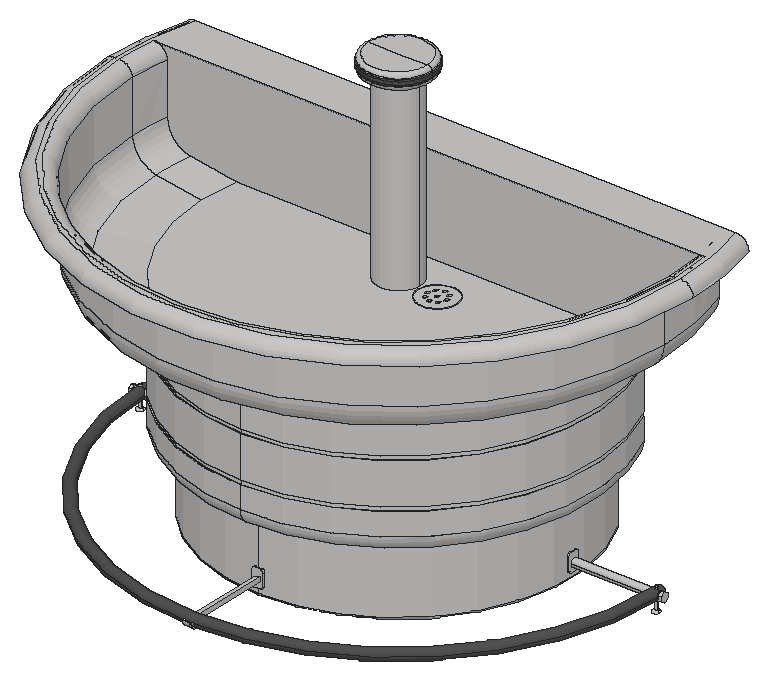
Revit family "Washfountain_Lavatory-Bradley_Corp-WF2704-Type_H_Drain", category Plumbing Fixtures, Revit 2012
Parameters
  Width = 54.000"
  Warranty Information = ""
  WFU = 0
  Voltage = 110 V
  Version = "2.0"
  Vent Radius = Vent / 2  # 3/4"
  Vent = 1 1/2"
  URL = "http://www.bradleycorp.com/"
  Towel Dispenser Holder [instance] = if((Soap Dispenser), 4.875", 13.375")  # 13.375"
  Towel Dispenser Height [instance] = if((Sensor Module), 54.250", 50.750")  # 50.750"
  TouchTime® Control [instance] = no
  Technical Data = "n/a"
  Vent Height [instance] = if(and(Sensor Module, Soap Dispenser, Towel Dispenser), 70.563", if(and(Sensor Module, Soap Dispenser, No Towel Dispenser), 49.375", if(and(Sensor Module, No Soap Dispenser, No Towel Dispenser), 40.875", if(and(Sensor Module, No Soap Dispenser, Towel Dispenser), 70.563", if(and(No Sensor Module, No Soap Dispenser, No Towel Dispenser), 37.375", if(and(No Sensor Module, No Soap Dispenser, Towel Dispenser), 67.063", if(and(No Sensor Module, Soap Dispenser, No Towel Dispenser), 45.875", 67.063")))))))  # 37.375"
  Spray Head Height = 37.375"
  Specifications URL = "http://www.bradleycorp.com/3partspec"
  Soap Dispenser Holder [instance] = 2.500"  # constant formula
  Soap Dispenser Height [instance] = if((Sensor Module), 49.375", 45.875")  # 45.875"
  Sensor Module Height = 40.875"
  Sensor Module [instance] = not(Foot Control Valve)  # no
  Rim Height = 28.000"
  Product Tech Data URL - Spanish = ""
  Product Tech Data URL - French = ""
  Product Tech Data URL - English = "http://bradleycorp.com/download/2241/2017.pdf"
  Pedestal Material = Metal - Bradley Corp - Stainless Steel - Satin
  Pedestal Height = 19.000"
  Operating Water Pressure Range = "20 - 80 PSI"
  OmniClass Table 23 Title = "Sinks/Lavatories"
  OmniClass Table 23 Number = "23-31 13 00"
  OmniClass Table 21 Title = "Plumbing Fixtures"
  OmniClass Table 21 Number = "21-04 20 10 60"
  No Towel Dispenser [instance] = not(Towel Dispenser)  # yes
  No Soap Dispenser [instance] = not(Soap Dispenser)  # yes
  No Sensor Module [instance] = not(Sensor Module)  # yes
  Modeling Code = ""
  Model = "WF2704"
  Material Note = ""
  MasterFormat Title = "Commercial Lavatories and Sinks"
  MasterFormat Number = "22 42 16"
  Manufacturer = "Bradley Corp"
  Industry Standards = "n/a"
  Hot Lavatory Inlet Secondary Radius = Hot Lavatory Inlet Secondary / 2  # 1/2"
  Hot Lavatory Inlet Secondary = 1"
  Hot Lavatory Inlet Primary Radius = Hot Lavatory Inlet Primary / 2  # 1/2"
  Hot Lavatory Inlet Primary = 1"
  HWFU = 0
  Frequency = 50 Hz
  Foot Control Valve [instance] = not(or(TouchTime® Control, Air Valve Hand Control, Adaptive Infrared Activation Control))  # yes
  Flow Rate = 3.0 GPM
  Fire Rating = "n/a"
  Drain Radius = Drain / 2  # 1"
  Drain = 2"
  Description = "Washfountain, 54\" Semi Circular with 9\" Deep Bowl"
  Copyright = "This Model Data is Property of Bradley Corporation"
  Cold Lavatory Inlet Secondary Radius = Cold Lavatory Inlet Secondary / 2  # 1/2"
  Cold Lavatory Inlet Secondary = 1"
  Cold Lavatory Inlet Primary Radius = Cold Lavatory Inlet Primary / 2  # 1/2"
  Cold Lavatory Inlet Primary = 1"
  CWFU = 0
  Buy American Act = "No"
  Button Visibility [instance] = or(TouchTime® Control, Air Valve Hand Control)  # no
  Bowl Material [instance] = Metal - Bradley Corp - Stainless Steel - Polished
  Assembly Code = "D2010300"
  Air Valve Hand Control [instance] = no
  Adaptive Infrared Activation Control [instance] = no
  ADA Compliant = "Yes"
  Soap Dispenser [instance] = no
  Towel Dispenser [instance] = no
Reference planes (in)
  plane 1 "Center (Front/Back)": y = 0
  plane 2: z = 0
  plane 3 "Center (Left/Right)": x = 0
  plane 4 "Left": x = -27
  plane 5 "Right": x = 27
  plane 6 "Towel Dispenser": z = 50.75
  plane 7 "Soap Dispenser": z = 45.875
  plane 8 "Sensor Module": z = 40.875
  plane 9 "Spray Head": z = 37.375
  plane 10 "Rim Height": z = 28
  plane 11 "Pedestal Height": z = 19
  plane 12: y = -7.6967
  plane 13: z = 39.875
  plane 14 "Front": y = -34.71749
Forms (in)
  Sweep 1, solid, material "Metal - Bradley Corp - Stainless Steel - Polished" <- "Bowl Material", detail levels medium+fine
    path in 3D
      loop
        arc (27, -7.75, 28) -> (0, 19.25, 28) -> (-27, -7.75, 28) r 27
        arc (-27, -7.75, 28) -> (0, -34.75, 28) -> (27, -7.75, 28) r 27
    profile origin (0, -34.75, 28) x (0, 1, 0) y (0, 0, 1)
      loop
        line (25.0533, -8.88) -> (9.04121, -8.88) -> (4.87331, -8.2735)
        arc (4.87331, -8.2735) -> (3.35689, -7.45153) -> (2.7337, -5.84318) r 2.5
        line (2.7337, -5.84318) -> (2.69252, -1.125)
        arc (2.69252, -1.125) -> (2.36302, -0.3295) -> (1.56752, 0.00011) r 1.125
        line (1.56752, 0.00011) -> (1.15752, 0)
        arc (1.15752, 0) -> (0.36203, -0.3295) -> (0.03252, -1.125) r 1.125
        line (0.03252, -1.125) -> (0.15252, -1.125)
        arc (0.15252, -1.125) -> (0.44688, -0.41436) -> (1.15752, -0.11989) r 1.005
        line (1.15752, -0.11989) -> (1.56752, -0.12025)
        arc (1.56752, -0.12025) -> (2.27817, -0.41461) -> (2.57252, -1.12525) r 1.005
        line (2.57252, -1.12525) -> (2.61371, -5.84475)
        arc (2.61371, -5.84475) -> (3.26665, -7.53063) -> (4.85603, -8.39225) r 2.62
        line (4.85603, -8.39225) -> (9.03252, -9) -> (25.0533, -9) -> (25.0533, -8.88)
  Extrusion 2, void
    sketch origin (0, 0, 28) x (-1, 0, 0) y (0, -1, 0)
      loop
        line (27, -20) -> (27, 0) -> (-27, 0) -> (-27, -20) -> (27, -20)
    from -28 to 9.375
  Sweep 3, solid, material "Metal - Bradley Corp - Stainless Steel - Polished" <- "Bowl Material", detail levels coarse
    path in 3D
      loop
        arc (27, -7.75, 28) -> (0, 19.25, 28) -> (-27, -7.75, 28) r 27
        arc (-27, -7.75, 28) -> (0, -34.75, 28) -> (27, -7.75, 28) r 27
    profile origin (0, -34.75, 28) x (0, 1, 0) y (0, 0, 1)
      loop
        line (0.03243, 0) -> (0.03243, -1.12495) -> (0.15256, -1.12495) -> (0.15256, -0.12) -> (2.57762, -0.12) -> (2.57762, -9) -> (25.0533, -9) -> (25.0533, -8.88) -> (2.69762, -8.88) -> (2.69762, 0) -> (0.03243, 0)
  Revolve 4, solid, material "Metal - Bradley Corp - Stainless Steel - Satin" <- "Pedestal Material", detail levels medium+fine
    sketch origin (0, 0, 0) x (0, 1, 0) y (0, 0, 1)
      loop
        line (-25.69045, 10.34788) -> (-25.61122, 10.34788) -> (-25.61122, 9.97288) -> (-25.69045, 9.97288) -> (-25.69045, 7.88979)
        arc (-25.69045, 7.88979) -> (-25.24205, 6.80727) -> (-24.15954, 6.35887) r 1.53091
        line (-24.15954, 6.35887) -> (-7.6967, 6.35887) -> (-7.6967, 19) -> (-25.69045, 19) -> (-25.69045, 14.53538) -> (-25.60652, 14.53538) -> (-25.60652, 14.16038) -> (-25.69045, 14.16038) -> (-25.69045, 10.34788)
      axis (-7.6967, 19) -> (-7.6967, 6.35887)
    angle from 0 to 360
  Revolve 5, solid, material "Metal - Bradley Corp - Stainless Steel - Satin" <- "Pedestal Material", detail levels coarse
    sketch origin (0, 0, 0) x (0, 1, 0) y (0, 0, 1)
      loop
        line (-25.69045, 19) -> (-25.69045, 6.35887) -> (-7.6967, 6.35887) -> (-7.6967, 19) -> (-25.69045, 19)
      axis (-7.6967, 19) -> (-7.6967, 6.35887)
    angle from 0 to 360
  Revolve 6, solid, material "Metal - Bradley Corp - Stainless Steel - Satin"
    sketch origin (0, 0, 0) x (0, 1, 0) y (0, 0, 1)
      loop
        arc (-23.6285, 0.1416) -> (-23.58703, 0.04147) -> (-23.4869, 0) r 0.1416
        line (-23.4869, 0) -> (-7.6967, 0) -> (-7.6967, 6.35887) -> (-23.41449, 6.35887) -> (-23.41449, 6.04595) -> (-23.6285, 6.04595) -> (-23.6285, 0.1416)
      axis (-7.6967, 6.35887) -> (-7.6967, 0)
    angle from 0 to 360
  Revolve 7, solid, material "Metal - Bradley Corp - Stainless Steel - Satin", detail levels medium+fine
    sketch origin (-3, -7.6967, 37.375) x (1, 0, 0) y (0, 0, 1)
      loop
        arc (0.31013, 0) -> (0.06618, -0.10105) -> (-0.03487, -0.345) r 0.345
        line (-0.03487, -0.345) -> (-0.03487, -0.44471)
        arc (-0.03487, -0.44471) -> (-0.09873, -0.47343) -> (-0.12487, -0.53838) r 0.09375
        line (-0.12487, -0.53838) -> (-0.12487, -0.85088)
        arc (-0.12487, -0.85088) -> (-0.09873, -0.91583) -> (-0.03487, -0.94456) r 0.09375
        line (-0.03487, -0.94456) -> (-0.03487, -1.04463)
        arc (-0.03487, -1.04463) -> (0.06618, -1.28859) -> (0.31013, -1.38963) r 0.345
        line (0.31013, -1.38963) -> (1.00013, -1.38963) -> (1.00013, -18.375) -> (3, -18.375) -> (3, 0) -> (0.31013, 0)
      axis (3, 0) -> (3, -18.375)
    angle from 0 to 360
  Revolve 8, solid, material "Metal - Bradley Corp - Stainless Steel - Satin", detail levels coarse
    sketch origin (-3, -7.6967, 37.375) x (1, 0, 0) y (0, 0, 1)
      loop
        line (-0.12487, -0.44471) -> (-0.12487, -0.94456) -> (0.31085, -1.38963) -> (1.00013, -1.38963) -> (1.00013, -18.375) -> (3, -18.375) -> (3, 0.00012) -> (0.31013, 0.00012) -> (-0.12487, -0.44471)
      axis (3, 0.00012) -> (3, -18.375)
    angle from 0 to 360
  Revolve 9, solid, material "Metal - Bradley Corp - Stainless Steel - Satin", visible <- "Sensor Module", detail levels fine
    sketch origin (-3, -7.6967, 40.875) x (1, 0, 0) y (0, 0, 1)
      loop
        arc (-1.45317, -0.20636) -> (-1.54025, -0.24993) -> (-1.57537, -0.34075) r 0.135
        line (-1.57537, -0.34075) -> (-1.57537, -0.56538) -> (-1.49987, -0.56538) -> (-1.49987, -1.98683)
        arc (-1.49987, -1.98683) -> (-1.48077, -2.08267) -> (-1.42639, -2.16387) r 0.25
        line (-1.42639, -2.16387) -> (-0.82283, -2.76742)
        arc (-0.82283, -2.76742) -> (-0.74182, -2.82142) -> (-0.64632, -2.84038) r 0.25
        line (-0.64632, -2.84038) -> (1.00013, -2.84038) -> (1.00013, -3.5) -> (3, -3.5) -> (3, 0) -> (0.90513, 0) -> (-1.45612, -0.2063)
      axis (3, 0) -> (3, -3.5)
    angle from 0 to 360
  Revolve 10, solid, material "Metal - Bradley Corp - Stainless Steel - Satin", visible <- "Sensor Module", detail levels coarse+medium
    sketch origin (-3, -7.6967, 40.875) x (1, 0, 0) y (0, 0, 1)
      loop
        line (-1.57537, -2.01488) -> (-0.74987, -2.84038) -> (1.00013, -2.84038) -> (1.00013, -3.5) -> (3, -3.5) -> (3, 0) -> (-1.57537, 0) -> (-1.57537, -2.01488)
      axis (3, 0) -> (3, -3.5)
    angle from 0 to 360
  Revolve 11, solid, material "Metal - Bradley Corp - Stainless Steel - Satin", visible <- "Soap Dispenser", detail levels fine
    sketch origin (-3, -7.6967, 45.875) x (1, 0, 0) y (0, 0, 1)
      loop
        line (-3.01408, -1.64235) -> (-2.98301, -1.64235) -> (-2.98301, -2.89235) -> (-2.93039, -2.89235) -> (-2.93039, -4.14235) -> (-2.87777, -4.14235) -> (-2.87777, -5.39235) -> (-2.81, -5.39235) -> (-2.81, -6) -> (3, -6) -> (3, 0) -> (-1.15684, 0)
        arc (-1.15684, 0) -> (-2.16098, -0.12055) -> (-3.13971, -0.37529) r 7.48917
        line (-3.13971, -0.37529) -> (-3.13971, -1.00047) -> (-3.01408, -1.00047) -> (-3.01408, -1.64235)
      axis (3, 0) -> (3, -6)
    angle from 360 to 180
  Revolve 12, solid, material "Metal - Bradley Corp - Stainless Steel - Satin", visible <- "Soap Dispenser", detail levels coarse+medium
    sketch origin (-3, -7.6967, 45.875) x (1, 0, 0) y (0, 0, 1)
      loop
        line (-3.13971, -1.00047) -> (-2.81, -6) -> (3, -6) -> (3, -1.00047) -> (-3.13971, -1.00047)
      axis (3, -1.00047) -> (3, -6)
    angle from 360 to 180
  Extrusion 13, solid, material "Metal - Bradley Corp - Stainless Steel - Satin", visible <- "Soap Dispenser", detail levels fine
    sketch origin (-3, -7.6967, 45.875) x (1, 0, 0) y (0, 0, 1)
      loop
        line (-3.01408, -1.64235) -> (-2.98301, -1.64235) -> (-2.98301, -2.89235) -> (-2.93039, -2.89235) -> (-2.93039, -4.14235) -> (-2.87777, -4.14235) -> (-2.87777, -5.39235) -> (-2.81, -5.39235) -> (-2.81, -6) -> (8.81, -6) -> (8.81, -5.39235) -> (8.87777, -5.39235) -> (8.87777, -4.14235) -> (8.93039, -4.14235) -> (8.93039, -2.89235) -> (8.98301, -2.89235) -> (8.98301, -1.64235) -> (9.01408, -1.64235) -> (9.01408, -1.00047) -> (9.13971, -1.00047) -> (9.13971, -0.37529)
        arc (9.13971, -0.37529) -> (8.16098, -0.12055) -> (7.15684, 0) r 7.48917
        line (7.15684, 0) -> (-1.15684, 0)
        arc (-1.15684, 0) -> (-2.16098, -0.12055) -> (-3.13971, -0.37529) r 7.48917
        line (-3.13971, -0.37529) -> (-3.13971, -1.00047) -> (-3.01408, -1.00047) -> (-3.01408, -1.64235)
    from 0 to -2.25
  Extrusion 14, solid, material "Metal - Bradley Corp - Stainless Steel - Satin", visible <- "Soap Dispenser", detail levels coarse+medium
    sketch origin (-3, -7.6967, 45.875) x (1, 0, 0) y (0, 0, 1)
      loop
        line (-3.13971, -1.00047) -> (-2.81, -6) -> (8.81, -6) -> (9.13971, -1.00047) -> (-3.13971, -1.00047)
    from 0 to -2.25
  Extrusion 15, solid, material "Metal - Bradley Corp - Stainless Steel - Satin", visible <- "Towel Dispenser"
    sketch origin (0, 0, 50.75) x (-1, 0, 0) y (0, -1, 0)
      loop
        line (0.06458, 14.08484) -> (-0.06458, 14.08484) -> (-5.56458, 4.55856) -> (-5.5, 4.4467) -> (5.5, 4.4467) -> (5.56458, 4.55856) -> (0.06458, 14.08484)
      loop
        circle (0, 7.6967) r 2
    from 14.62567 to 14.12567
  Extrusion 16, solid, material "Metal - Bradley Corp - Stainless Steel - Satin", visible <- "Towel Dispenser"
    sketch origin (-0.06458, -14.08484, 50.75) x (0, 0, 1) y (-0.866025, -0.5, 0)
      loop
        line (0, 0) -> (15.313, 0) -> (14.62567, 4) -> (1.37502, 4) -> (0, 1.75) -> (0, 0)
    from 0 to -11
  Extrusion 17, solid, material "Metal - Bradley Corp - Stainless Steel - Satin", visible <- "Towel Dispenser"
    sketch origin (5.56458, -4.55856, 50.75) x (0, 0, 1) y (0.866025, -0.5, 0)
      loop
        line (0, 0) -> (15.313, 0) -> (14.62567, 4) -> (1.37502, 4) -> (0, 1.75) -> (0, 0)
    from 0 to -11
  Extrusion 18, solid, material "Metal - Bradley Corp - Stainless Steel - Satin", visible <- "Towel Dispenser"
    sketch origin (0, 0, 50.75) x (-1, 0, 0) y (0, -1, 0)
      loop
        line (0.06458, 14.08484) -> (-0.06458, 14.08484) -> (-5.56458, 4.55856) -> (-5.5, 4.4467) -> (5.5, 4.4467) -> (5.56458, 4.55856) -> (0.06458, 14.08484)
      loop
        circle (0, 7.6967) r 2
    from 1.0786 to 1.5786
  Extrusion 19, solid, material "Metal - Bradley Corp - Stainless Steel - Satin", visible <- "Towel Dispenser"
    sketch origin (0, 0, 50.75) x (-1, 0, 0) y (0, -1, 0)
      loop
        circle (0, 7.6967) r 2
    from -13.375 to 16.313
  Extrusion 20, solid, material "Metal - Bradley Corp - Stainless Steel - Satin", visible <- "Soap Dispenser"
    sketch origin (0, 0, 45.875) x (-1, 0, 0) y (0, -1, 0)
      loop
        circle (0, 7.6967) r 2
    from -6 to -8.5
  Extrusion 21, solid, material "Metal - Bradley Corp - Stainless Steel - Polished", detail levels medium+fine
    sketch origin (0, -0.5533, 28) x (-1, 0, 0) y (0, -1, 0)
      loop
        circle (-4, 7.6967) r 1.75
      loop
        circle (-4, 7.6967) r 0.1842
      loop
        circle (-4, 6.81899) r 0.1842
      loop
        circle (-3.12229, 7.6967) r 0.1842
      loop
        circle (-4, 8.57441) r 0.1842
      loop
        circle (-4.87771, 7.6967) r 0.1842
      loop
        circle (-4.62063, 7.07606) r 0.1842
      loop
        circle (-3.37937, 7.07606) r 0.1842
      loop
        circle (-3.37937, 8.31733) r 0.1842
      loop
        circle (-4.62063, 8.31733) r 0.1842
    from -8.94796 to -8.88
  Extrusion 22, void
    sketch origin (0, -0.5533, 28) x (-1, 0, 0) y (0, -1, 0)
      loop
        circle (-4, 7.6967) r 1.75
    from -9 to -5.94946
  Sweep 23, solid, material "Plastic - Bradley Corp - Black", visible <- "Foot Control Valve"
    path in 3D
      loop
        line (24.00846, -7.1967, 0) -> (24.00846, -7.6967, 0)
        arc (24.00846, -7.6967, 0) -> (0, -31.70516, 0) -> (-24.00846, -7.6967, 0) r 24.00846
        line (-24.00846, -7.6967, 0) -> (-24.00846, -7.1967, 0)
    profile origin (-24.00846, -7.4467, 0) x (-1, 0, 0) y (0, 0, 1)
      loop
        circle (-0.5, 1.42499) r 0.49941
  Extrusion 24, solid, material "Metal - Bradley Corp - Stainless Steel - Satin", visible <- "Foot Control Valve", detail levels medium+fine
    sketch origin (0, 0, 0) x (0, 1, 0) y (0, 0, 1)
      loop
        line (-7.37851, 1.63949) -> (-7.75001, 1.85397) -> (-8.12151, 1.63949) -> (-8.12151, 1.21051) -> (-7.75001, 0.99603) -> (-7.37851, 1.21051) -> (-7.37851, 1.63949)
    from -24.32813 to -24.01563
  Extrusion 25, solid, material "Metal - Bradley Corp - Stainless Steel - Satin", visible <- "Foot Control Valve", detail levels medium+fine
    sketch origin (0, 0, 0) x (0, 1, 0) y (0, 0, 1)
      loop
        line (-7.75001, 1.85397) -> (-8.12151, 1.63948) -> (-8.12151, 1.21051) -> (-7.75001, 0.99603) -> (-7.37851, 1.21051) -> (-7.37851, 1.63949) -> (-7.75001, 1.85397)
    from 24.37923 to 24.04349
  Extrusion 26, solid, material "Metal - Bradley Corp - Stainless Steel - Satin", visible <- "Foot Control Valve", detail levels fine
    sketch origin (0, 0, 0) x (1, 0, 0) y (0, 1, 0)
      loop
        circle (-23.57813, -7.6967) r 0.12
      loop
        circle (23.57813, -7.6967) r 0.12
    from 0.1445 to 1.99999
  Blend 27, solid, material "Metal - Bradley Corp - Stainless Steel - Satin", visible <- "Foot Control Valve", detail levels fine
    base sketch origin (0, 0, 0) x (1, 0, 0) y (0, 1, 0)
      loop
        circle (-23.57813, -7.6967) r 0.12
    top sketch origin (0, 0, 0) x (1, 0, 0) y (0, 1, 0)
      loop
        circle (-23.57813, -7.6967) r 0.327
    from 0.1445 to 0
  Blend 28, solid, material "Metal - Bradley Corp - Stainless Steel - Satin", visible <- "Foot Control Valve", detail levels fine
    base sketch origin (0, 0, 0) x (1, 0, 0) y (0, 1, 0)
      loop
        circle (23.57813, -7.6967) r 0.12
    top sketch origin (0, 0, 0) x (1, 0, 0) y (0, 1, 0)
      loop
        circle (23.57813, -7.6967) r 0.327
    from 0.1445 to 0
  Extrusion 29, solid, material "Metal - Bradley Corp - Stainless Steel - Satin", visible <- "Foot Control Valve"
    sketch origin (0, 0, 0) x (0, 1, 0) y (0, 0, 1)
      loop
        line (-7.25001, 0.921) -> (-7.25001, 2.046)
        arc (-7.25001, 2.046) -> (-7.32323, 2.22278) -> (-7.50001, 2.296) r 0.25
        line (-7.50001, 2.296) -> (-8.00001, 2.296)
        arc (-8.00001, 2.296) -> (-8.17679, 2.22278) -> (-8.25001, 2.046) r 0.25
        line (-8.25001, 2.046) -> (-8.25001, 0.921)
        arc (-8.25001, 0.921) -> (-8.17679, 0.74422) -> (-8.00001, 0.671) r 0.25
        line (-8.00001, 0.671) -> (-7.50001, 0.671)
        arc (-7.50001, 0.671) -> (-7.32323, 0.74422) -> (-7.25001, 0.921) r 0.25
    from -16.06305 to -15.93805
  Extrusion 30, solid, material "Metal - Bradley Corp - Stainless Steel - Satin", visible <- "Foot Control Valve"
    sketch origin (0, 0, 0) x (0, 1, 0) y (0, 0, 1)
      loop
        line (-7.50001, 2.296) -> (-8.00001, 2.296)
        arc (-8.00001, 2.296) -> (-8.17679, 2.22278) -> (-8.25001, 2.046) r 0.25
        line (-8.25001, 2.046) -> (-8.25001, 0.921)
        arc (-8.25001, 0.921) -> (-8.17679, 0.74422) -> (-8.00001, 0.671) r 0.25
        line (-8.00001, 0.671) -> (-7.50001, 0.671)
        arc (-7.50001, 0.671) -> (-7.32323, 0.74422) -> (-7.25001, 0.921) r 0.25
        line (-7.25001, 0.921) -> (-7.25001, 2.046)
        arc (-7.25001, 2.046) -> (-7.32323, 2.22278) -> (-7.50001, 2.296) r 0.25
    from 15.93601 to 16.06263
  Extrusion 31, solid, material "Metal - Bradley Corp - Stainless Steel - Satin", visible <- "Foot Control Valve", detail levels fine
    sketch origin (0, 0, 0) x (0, 1, 0) y (0, 0, 1)
      loop
        arc (-31.70479, 1.42499) -> (-31.75479, 1.47499) -> (-31.80479, 1.42499) r 0.05
        arc (-31.80479, 1.42499) -> (-31.10392, 0.83423) -> (-30.64032, 1.62499) r 0.59941
        line (-30.64032, 1.62499) -> (-30.74777, 1.62499)
        arc (-30.74777, 1.62499) -> (-31.10322, 0.93614) -> (-31.70479, 1.42499) r 0.49941
    from -0.40046 to 0.4
  Extrusion 32, solid, material "Metal - Bradley Corp - Stainless Steel - Satin", visible <- "Foot Control Valve", detail levels fine
    sketch origin (0, 0, 0) x (0, 1, 0) y (0, 0, 1)
      loop
        arc (-30.64032, 1.62499) -> (-30.60597, 1.42499) -> (-30.64032, 1.22499) r 0.59941
        line (-30.64032, 1.22499) -> (-23.7663, 1.22499) -> (-23.7663, 1.62499) -> (-30.64032, 1.62499)
    from -0.2 to 0.2
  Extrusion 33, solid, material "Default", not visible, detail levels fine
    sketch origin (0, 0, 0) x (1, 0, 0) y (0, 1, 0)
      loop
        circle (-4, -8.25) r 1
    from 0 to 3
  Extrusion 34, solid, material "Default", not visible, detail levels fine
    sketch origin (0, 0, 0) x (1, 0, 0) y (0, 1, 0)
      loop
        circle (0, -8.25) r 0.75
    from 0 to 37.375
  Extrusion 35, solid, material "Default", not visible, detail levels fine
    sketch origin (-3, -7.6967, 45.875) x (1, 0, 0) y (0, 0, 1)
      loop
        circle (-4.625, -33.875) r 0.5
      loop
        circle (10.625, -33.875) r 0.5
      loop
        line (-0.5, -35.232) -> (-1.5, -35.232) -> (-1.5, -37.232) -> (-0.5, -37.232) -> (-0.5, -35.232)
    from -7.6967 to -5.1967
  Extrusion 36, solid, material "Metal - Bradley Corp - Stainless Steel - Satin", visible <- "Foot Control Valve"
    sketch origin (0, 0, 0) x (0, 1, 0) y (0, 0, 1)
      loop
        circle (-7.75001, 1.425) r 0.36122
    from -24.01563 to -16.06305
  Extrusion 37, solid, material "Metal - Bradley Corp - Stainless Steel - Satin", visible <- "Foot Control Valve"
    sketch origin (0, 0, 0) x (0, 1, 0) y (0, 0, 1)
      loop
        circle (-7.75001, 1.42499) r 0.36122
    from 16.06263 to 24.04349
  Extrusion 38, solid, material "Metal - Bradley Corp - Stainless Steel - Satin", visible <- "Foot Control Valve", detail levels fine
    sketch origin (0, 0, 0) x (1, 0, 0) y (0, 0, 1)
      loop
        line (-0.25, 0.671) -> (0.25, 0.671)
        arc (0.25, 0.671) -> (0.42678, 0.74422) -> (0.5, 0.921) r 0.25
        line (0.5, 0.921) -> (0.5, 2.046)
        arc (0.5, 2.046) -> (0.42678, 2.22278) -> (0.25, 2.296) r 0.25
        line (0.25, 2.296) -> (-0.25, 2.296)
        arc (-0.25, 2.296) -> (-0.42678, 2.22278) -> (-0.5, 2.046) r 0.25
        line (-0.5, 2.046) -> (-0.5, 0.921)
        arc (-0.5, 0.921) -> (-0.42678, 0.74422) -> (-0.25, 0.671) r 0.25
    from 23.6285 to 23.7663
  Extrusion 39, solid, material "Default", not visible, detail levels fine
    sketch origin (0, 0, 0) x (1, 0, 0) y (0, 1, 0)
      loop
        circle (-7.625, -5) r 0.5
      loop
        circle (7.625, -5) r 0.5
    from 0 to 2.5
  Revolve 40, solid, material "Plastic - Bradley Corp - Black", visible <- "Soap Dispenser", detail levels coarse+medium
    sketch origin (-3, -7.6967, 45.875) x (1, 0, 0) y (0, 0, 1)
      loop
        line (-3.20569, 0) -> (-3.13971, -1.00047) -> (3, -1.00047) -> (3, 0) -> (-3.20569, 0)
      axis (3, 0) -> (3, -1.00047)
    angle from 180 to 360
  Extrusion 41, solid, material "Plastic - Bradley Corp - Black", visible <- "Soap Dispenser", detail levels coarse+medium
    sketch origin (-3, -7.6967, 45.875) x (1, 0, 0) y (0, 0, 1)
      loop
        line (-3.20569, 0) -> (-3.13971, -1.00047) -> (9.13971, -1.00047) -> (9.20569, 0) -> (-3.20569, 0)
    from 0 to -2.25
  Extrusion 42, solid, material "Metal - Bradley Corp - Stainless Steel - Polished", visible <- "Button Visibility"
    sketch origin (-3, -7.6967, 40.875) x (1, 0, 0) y (0, 0, 1)
      loop
        circle (3, -1.29013) r 0.5
    from 4.57537 to 4.9755
  Extrusion 43, solid, material "Metal - Bradley Corp - Stainless Steel - Polished", visible <- "Button Visibility", detail levels fine
    sketch origin (-3, -7.6967, 40.875) x (1, 0, 0) y (0, 0, 1)
      loop
        circle (3, -1.29013) r 0.25
    from 4.5 to 4.57537
  Extrusion 44, solid, material "Metal - Bradley Corp - Stainless Steel - Polished" <- "Bowl Material", detail levels coarse
    sketch origin (0, 0, 28) x (-1, 0, 0) y (0, -1, 0)
      loop
        line (24.02952, 4.1185) -> (-24.02952, 4.1185)
        arc (-24.02952, 4.1185) -> (-23.62146, 2.0375) -> (-23.03353, 0) r 24.30238
        line (-23.03353, 0) -> (23.03353, 0)
        arc (23.03353, 0) -> (23.62146, 2.0375) -> (24.02952, 4.1185) r 24.30238
    from -8.88 to 0
  Extrusion 45, solid, material "Metal - Bradley Corp - Stainless Steel - Polished" <- "Bowl Material", detail levels medium+fine
    sketch origin (0, 0, 28) x (-1, 0, 0) y (0, -1, 0)
      loop
        arc (24.41547, 0) -> (25.00013, 2.03749) -> (25.40596, 4.118) r 24.42748
        line (25.40596, 4.118) -> (-25.44441, 4.118)
        arc (-25.44441, 4.118) -> (-25.03859, 2.03749) -> (-24.45393, 0) r 24.42748
        line (-24.45393, 0) -> (24.41547, 0)
    from -8.88 to 0
  Sweep 46, void
    path in 3D
      loop
        arc (27, -7.75, 28) -> (0, 19.25, 28) -> (-27, -7.75, 28) r 27
        arc (-27, -7.75, 28) -> (0, -34.75, 28) -> (27, -7.75, 28) r 27
    profile origin (0, -34.75, 28) x (0, 1, 0) y (0, 0, 1)
      loop
        line (9.05955, -9) -> (9.05955, -8.9433) -> (4.86467, -8.33287)
        arc (4.86467, -8.33287) -> (3.31177, -7.49108) -> (2.6737, -5.84397) r 2.56
        line (2.6737, -5.84397) -> (2.63252, -1.12499)
        arc (2.63252, -1.12499) -> (2.3205, -0.37209) -> (1.56752, -0.05989) r 1.065
        line (1.56752, -0.05989) -> (1.15752, -0.06)
        arc (1.15752, -0.06) -> (0.40445, -0.37193) -> (0.09252, -1.125) r 1.065
        line (0.09252, -1.125) -> (0, -1.125) -> (0, -9) -> (9.05955, -9)
Cuts and joins
  Extrusion 2, Extrusion 22 cuts Sweep 1
  Sweep 46 cuts Extrusion 45
  joined: Sweep 1, Extrusion 45
  Extrusion 2, Extrusion 22 cuts Sweep 3
  joined: Sweep 3, Extrusion 44
  Extrusion 2 cuts Revolve 4
  Extrusion 2 cuts Revolve 5
  Extrusion 2 cuts Revolve 6
  joined: Revolve 11, Extrusion 13
  joined: Revolve 12, Extrusion 14
  joined: Extrusion 36, Extrusion 37
  joined: Revolve 40, Extrusion 41
Lines and regions (in)
  Masking region 1, detail levels medium+fine
    outline origin (-3, -7.6967, 37.375) x (1, 0, 0) y (0, 0, 1)
      loop
        arc (0.31013, 0) -> (0.06618, -0.10105) -> (-0.03487, -0.345) r 0.345
        line (-0.03487, -0.345) -> (-0.03487, -0.44471)
        arc (-0.03487, -0.44471) -> (-0.09873, -0.47343) -> (-0.12487, -0.53838) r 0.09375
        line (-0.12487, -0.53838) -> (-0.12487, -0.85088)
        arc (-0.12487, -0.85088) -> (-0.09873, -0.91583) -> (-0.03487, -0.94456) r 0.09375
        line (-0.03487, -0.94456) -> (-0.03487, -1.04463)
        arc (-0.03487, -1.04463) -> (0.06618, -1.28859) -> (0.31013, -1.38963) r 0.345
        line (0.31013, -1.38963) -> (1.00013, -1.38963) -> (1.00013, -9.375) -> (5.00013, -9.375) -> (5.00013, -1.38963) -> (5.68987, -1.38963)
        arc (5.68987, -1.38963) -> (5.93382, -1.28859) -> (6.03487, -1.04463) r 0.345
        line (6.03487, -1.04463) -> (6.03487, -0.94456)
        arc (6.03487, -0.94456) -> (6.09873, -0.91583) -> (6.12487, -0.85088) r 0.09375
        line (6.12487, -0.85088) -> (6.12487, -0.53838)
        arc (6.12487, -0.53838) -> (6.09873, -0.47343) -> (6.03487, -0.44471) r 0.09375
        line (6.03487, -0.44471) -> (6.03487, -0.34463)
        arc (6.03487, -0.34463) -> (5.93382, -0.10105) -> (5.68987, 0) r 0.345
        line (5.68987, 0) -> (0.31013, 0)
  Masking region 2, detail levels coarse
    outline origin (-3, -7.6967, 37.375) x (1, 0, 0) y (0, 0, 1)
      loop
        line (-0.12487, -0.44471) -> (-0.12487, -0.94456) -> (0.31085, -1.38963) -> (1.00013, -1.38963) -> (1.00013, -9.375) -> (5.00013, -9.375) -> (5.00013, -1.38963) -> (5.68915, -1.38963) -> (6.12487, -0.94456) -> (6.12487, -0.44471) -> (5.68999, 0) -> (0.31001, 0) -> (-0.12487, -0.44471)
  Masking region 3, visible <- "Sensor Module", detail levels coarse+medium
    outline origin (-3, -7.6967, 40.875) x (1, 0, 0) y (0, 0, 1)
      loop
        line (-1.57537, 0) -> (-1.57537, -2.01488) -> (-0.74987, -2.84038) -> (1.00013, -2.84038) -> (1.00013, -3.5) -> (4.99987, -3.5) -> (4.99987, -2.84038) -> (6.74987, -2.84038) -> (7.57537, -2.01488) -> (7.57537, 0) -> (-1.57537, 0)
  Masking region 4, visible <- "Sensor Module", detail levels fine
    outline origin (-3, -7.6967, 40.875) x (1, 0, 0) y (0, 0, 1)
      loop
        arc (-1.45317, -0.20636) -> (-1.54025, -0.24993) -> (-1.57537, -0.34075) r 0.135
        line (-1.57537, -0.34075) -> (-1.57537, -0.56538) -> (-1.49987, -0.56538) -> (-1.49987, -1.98683)
        arc (-1.49987, -1.98683) -> (-1.48077, -2.08267) -> (-1.42639, -2.16387) r 0.25
        line (-1.42639, -2.16387) -> (-0.82283, -2.76742)
        arc (-0.82283, -2.76742) -> (-0.74182, -2.82142) -> (-0.64632, -2.84038) r 0.25
        line (-0.64632, -2.84038) -> (1.00013, -2.84038) -> (1.00013, -3.5) -> (4.99987, -3.5) -> (4.99987, -2.84038) -> (6.64632, -2.84038)
        arc (6.64632, -2.84038) -> (6.74182, -2.82142) -> (6.82283, -2.76742) r 0.25
        line (6.82283, -2.76742) -> (7.42639, -2.16387)
        arc (7.42639, -2.16387) -> (7.48077, -2.08267) -> (7.49987, -1.98683) r 0.25
        line (7.49987, -1.98683) -> (7.49987, -0.56538) -> (7.57537, -0.56538) -> (7.57537, -0.34075)
        arc (7.57537, -0.34075) -> (7.54025, -0.24993) -> (7.45317, -0.20636) r 0.135
      loop
        line (7.45612, -0.2063) -> (5.09487, 0) -> (0.90513, 0) -> (-1.45612, -0.2063)
  Masking region 5, visible <- "Soap Dispenser", detail levels coarse+medium
    outline origin (-3, -7.6967, 45.875) x (1, 0, 0) y (0, 0, 1)
      loop
        line (-3.20569, 0) -> (-2.81, -6) -> (8.81, -6) -> (9.20569, 0) -> (-3.20569, 0)
  Masking region 6, visible <- "Soap Dispenser", detail levels fine
    outline origin (-3, -7.6967, 45.875) x (1, 0, 0) y (0, 0, 1)
      loop
        line (-3.01408, -1.64235) -> (-2.98301, -1.64235) -> (-2.98301, -2.89235) -> (-2.93039, -2.89235) -> (-2.93039, -4.14235) -> (-2.87777, -4.14235) -> (-2.87777, -5.39235) -> (-2.81, -5.39235) -> (-2.81, -6) -> (8.81, -6) -> (8.81, -5.39235) -> (8.87777, -5.39235) -> (8.87777, -4.14235) -> (8.93039, -4.14235) -> (8.93039, -2.89235) -> (8.98301, -2.89235) -> (8.98301, -1.64235) -> (9.01408, -1.64235) -> (9.01408, -1.00047) -> (9.13971, -1.00047) -> (9.13971, -0.37529)
        arc (9.13971, -0.37529) -> (8.16098, -0.12055) -> (7.15684, 0) r 7.48917
        line (7.15684, 0) -> (-1.15684, 0)
        arc (-1.15684, 0) -> (-2.16098, -0.12055) -> (-3.13971, -0.37529) r 7.48917
        line (-3.13971, -0.37529) -> (-3.13971, -1.00047) -> (-3.01408, -1.00047) -> (-3.01408, -1.64235)
  Masking region 7, visible <- "Soap Dispenser", detail levels fine
    outline origin (0, -4.6967, 45.875) x (0, -1, 0) y (0, 0, 1)
      loop
        line (9.01313, -1.64235) -> (9.01313, -1.00047) -> (9.13876, -1.00047) -> (9.13876, -0.37529)
        arc (9.13876, -0.37529) -> (8.16002, -0.12055) -> (7.15589, 0) r 7.48917
        line (7.15589, 0) -> (0.75, 0) -> (0.75, -6) -> (8.80905, -6) -> (8.80905, -5.39235) -> (8.87682, -5.39235) -> (8.87682, -4.14235) -> (8.92944, -4.14235) -> (8.92944, -2.89235) -> (8.98206, -2.89235) -> (8.98206, -1.64235) -> (9.01313, -1.64235)
  Masking region 8, visible <- "Soap Dispenser", detail levels coarse+medium
    outline origin (0, -4.6967, 45.875) x (0, -1, 0) y (0, 0, 1)
      loop
        line (0.75, 0) -> (0.75, -6) -> (8.80905, -6) -> (9.20569, 0) -> (0.75, 0)
  Masking region 9, visible <- "Sensor Module", detail levels coarse+medium
    outline origin (0, -4.6967, 40.875) x (0, -1, 0) y (0, 0, 1)
      loop
        line (-1.57537, 0) -> (-1.57537, -2.01488) -> (-0.74987, -2.84038) -> (1, -2.84038) -> (1, -3.5) -> (4.99987, -3.5) -> (4.99987, -2.84038) -> (6.74987, -2.84038) -> (7.57537, -2.01488) -> (7.57537, 0) -> (-1.57537, 0)
  Masking region 10, visible <- "Sensor Module", detail levels fine
    outline origin (0, -4.6967, 40.875) x (0, -1, 0) y (0, 0, 1)
      loop
        arc (-1.4533, -0.20636) -> (-1.54038, -0.24993) -> (-1.5755, -0.34075) r 0.135
        line (-1.5755, -0.34075) -> (-1.5755, -0.56538) -> (-1.5, -0.56538) -> (-1.5, -1.98683)
        arc (-1.5, -1.98683) -> (-1.4809, -2.08267) -> (-1.42651, -2.16387) r 0.25
        line (-1.42651, -2.16387) -> (-0.82296, -2.76742)
        arc (-0.82296, -2.76742) -> (-0.74195, -2.82142) -> (-0.64645, -2.84038) r 0.25
        line (-0.64645, -2.84038) -> (1, -2.84038) -> (1, -3.5) -> (4.99987, -3.5) -> (4.99987, -2.84038) -> (6.64645, -2.84038)
        arc (6.64645, -2.84038) -> (6.74195, -2.82142) -> (6.82296, -2.76742) r 0.25
        line (6.82296, -2.76742) -> (7.42651, -2.16387)
        arc (7.42651, -2.16387) -> (7.4809, -2.08267) -> (7.5, -1.98683) r 0.25
        line (7.5, -1.98683) -> (7.5, -0.56538) -> (7.5755, -0.56538) -> (7.5755, -0.34075)
        arc (7.5755, -0.34075) -> (7.54038, -0.24993) -> (7.4533, -0.20636) r 0.135
      loop
        line (7.45625, -0.2063) -> (5.095, 0) -> (0.905, 0) -> (-1.45625, -0.2063)
  Masking region 11, detail levels coarse+medium
    outline origin (0, 0, 0) x (0, 1, 0) y (0, 0, 1)
      loop
        line (-10.82157, 36.93029) -> (-10.82157, 36.43044) -> (-10.38585, 35.98537) -> (-9.6967, 35.98537) -> (-9.6967, 28) -> (-5.6967, 28) -> (-5.6967, 35.98537) -> (-5.00754, 35.98537) -> (-4.57183, 36.43044) -> (-4.57183, 36.93029) -> (-5.0067, 37.375) -> (-10.38669, 37.375) -> (-10.82157, 36.93029)
  Masking region 12, detail levels fine
    outline origin (0, -4.6967, 37.375) x (0, -1, 0) y (0, 0, 1)
      loop
        arc (0.31013, 0) -> (0.06618, -0.10105) -> (-0.03487, -0.345) r 0.345
        line (-0.03487, -0.345) -> (-0.03487, -0.44471)
        arc (-0.03487, -0.44471) -> (-0.09873, -0.47343) -> (-0.12487, -0.53838) r 0.09375
        line (-0.12487, -0.53838) -> (-0.12487, -0.85088)
        arc (-0.12487, -0.85088) -> (-0.09873, -0.91583) -> (-0.03487, -0.94456) r 0.09375
        line (-0.03487, -0.94456) -> (-0.03487, -1.04463)
        arc (-0.03487, -1.04463) -> (0.06618, -1.28859) -> (0.31013, -1.38963) r 0.345
        line (0.31013, -1.38963) -> (1.00013, -1.38963) -> (1.00013, -9.375) -> (5, -9.375) -> (5, -1.38963) -> (5.69029, -1.38963)
        arc (5.69029, -1.38963) -> (5.93424, -1.28859) -> (6.03529, -1.04463) r 0.345
        line (6.03529, -1.04463) -> (6.03487, -0.94456)
        arc (6.03487, -0.94456) -> (6.09873, -0.91583) -> (6.12487, -0.85088) r 0.09375
        line (6.12487, -0.85088) -> (6.12487, -0.53838)
        arc (6.12487, -0.53838) -> (6.09873, -0.47343) -> (6.03487, -0.44471) r 0.09375
        line (6.03487, -0.44471) -> (6.03487, -0.34463)
        arc (6.03487, -0.34463) -> (5.93382, -0.10105) -> (5.68987, 0) r 0.345
        line (5.68987, 0) -> (0.31013, 0)
  Masking region 13, detail levels medium+fine
    outline origin (0, 0, 0) x (1, 0, 0) y (0, 0, 1)
      loop
        line (25.875, 28.00019) -> (-25.875, 28.00019)
        arc (-25.875, 28.00019) -> (-26.6705, 27.6705) -> (-27, 26.875) r 1.125
        line (-27, 26.875) -> (-24.46, 26.875) -> (-24.41882, 22.15525)
        arc (-24.41882, 22.15525) -> (-23.76587, 20.46937) -> (-22.17649, 19.60775) r 2.62
        line (-22.17649, 19.60775) -> (-18, 19) -> (18.00076, 19) -> (22.17649, 19.60764)
        arc (22.17649, 19.60764) -> (23.76587, 20.46926) -> (24.41882, 22.15514) r 2.62
        line (24.41882, 22.15514) -> (24.46, 26.87489) -> (27, 26.87489)
        arc (27, 26.87489) -> (26.6705, 27.67039) -> (25.875, 28.00019) r 1.125
  Masking region 14, detail levels coarse
    outline origin (0, 0, 0) x (1, 0, 0) y (0, 0, 1)
      loop
        line (-27, 26.87505) -> (-24.42238, 26.87505) -> (-24.42238, 19) -> (24.42238, 19) -> (24.42238, 26.87505) -> (27, 26.87505) -> (27, 28) -> (-27, 28) -> (-27, 26.87505)
  Masking region 15, detail levels medium+fine
    outline origin (-3, -7.6967, 45.875) x (1, 0, 0) y (0, 0, 1)
      loop
        line (20.99796, -35.57813) -> (20.99796, -31.76563) -> (20.91403, -31.76563) -> (20.91403, -31.39063) -> (20.99796, -31.39063) -> (20.99796, -26.875) -> (-15, -26.875) -> (-15, -31.39063) -> (-14.91607, -31.39063) -> (-14.91607, -31.76563) -> (-15, -31.76563) -> (-15, -35.57813) -> (-14.92077, -35.57813) -> (-14.92077, -35.95313) -> (-15, -35.95313) -> (-15, -37.98521)
        arc (-15, -37.98521) -> (-14.55161, -39.06773) -> (-13.46909, -39.51613) r 1.53091
        line (-13.46909, -39.51613) -> (-12.72404, -39.51613) -> (-12.72404, -39.82905) -> (-12.93805, -39.82905) -> (-12.93805, -45.74212)
        arc (-12.93805, -45.74212) -> (-12.89061, -45.84471) -> (-12.78172, -45.875) r 0.13464
        line (-12.78172, -45.875) -> (18.77968, -45.875)
        arc (18.77968, -45.875) -> (18.88857, -45.84471) -> (18.93601, -45.74212) r 0.13464
        line (18.93601, -45.74212) -> (18.93601, -39.82905) -> (18.722, -39.82905) -> (18.722, -39.51613) -> (19.46705, -39.51613)
        arc (19.46705, -39.51613) -> (20.54956, -39.06773) -> (20.99796, -37.98521) r 1.53091
        line (20.99796, -37.98521) -> (20.99796, -35.95313) -> (20.91873, -35.95313) -> (20.91873, -35.57813) -> (20.99796, -35.57813)
  Masking region 16, detail levels coarse
    outline origin (-3, -7.6967, 45.875) x (1, 0, 0) y (0, 0, 1)
      loop
        line (-15, -39.51613) -> (-12.93805, -39.51613) -> (-12.93805, -45.875) -> (18.93763, -45.875) -> (18.93763, -39.51612) -> (21, -39.51612) -> (21, -26.875) -> (-15, -26.875) -> (-15, -39.51613)
  Masking region 17, detail levels medium+fine
    outline origin (0, 0, 0) x (0, 1, 0) y (0, 0, 1)
      loop
        line (0, 19) -> (0, 28) -> (-33.59249, 28)
        arc (-33.59249, 28) -> (-34.38798, 27.6705) -> (-34.71749, 26.875) r 1.125
        line (-34.71749, 26.875) -> (-32.17749, 26.875) -> (-32.1363, 22.15525)
        arc (-32.1363, 22.15525) -> (-31.48336, 20.46937) -> (-29.89398, 19.60775) r 2.62
        line (-29.89398, 19.60775) -> (-25.71749, 19) -> (0, 19)
  Masking region 18, detail levels coarse
    outline origin (0, 0, 0) x (0, 1, 0) y (0, 0, 1)
      loop
        line (0, 28) -> (-34.71748, 28) -> (-34.71748, 26.875) -> (-32.17238, 26.875) -> (-32.17238, 19) -> (0, 19) -> (0, 28)
  Masking region 19, detail levels coarse
    outline origin (0, 0, 0) x (0, 1, 0) y (0, 0, 1)
      loop
        line (-25.69045, 19) -> (-25.69045, 6.35888) -> (-23.6285, 6.35888) -> (-23.6285, 0) -> (0, 0) -> (0, 19) -> (-25.69045, 19)
  Masking region 20, detail levels medium+fine
    outline origin (0, 0, 0) x (0, 1, 0) y (0, 0, 1)
      loop
        line (-25.69045, 10.29687) -> (-25.61122, 10.29687) -> (-25.61122, 9.92187) -> (-25.69045, 9.92187) -> (-25.69045, 7.88979)
        arc (-25.69045, 7.88979) -> (-25.24205, 6.80727) -> (-24.15954, 6.35887) r 1.53091
        line (-24.15954, 6.35887) -> (-23.41449, 6.35887) -> (-23.41449, 6.04595) -> (-23.6285, 6.04595) -> (-23.6285, 0.14849)
        arc (-23.6285, 0.14849) -> (-23.58797, 0.04378) -> (-23.48458, 0) r 0.144
        line (-23.48458, 0) -> (0, 0) -> (0, 19) -> (-25.69045, 19) -> (-25.69045, 14.48437) -> (-25.60652, 14.48437) -> (-25.60652, 14.10937) -> (-25.69045, 14.10937) -> (-25.69045, 10.29687)
  Split face 1
    outline origin (-1.58013, -14.95984, 50.75) x (-0.73896, -0.426639, 0.521456) y (-0.5, 0.866025, 0)
      loop
        line (2.06845, 1.5) -> (2.06845, 9.5)
        arc (2.06845, 9.5) -> (1.31845, 10.25) -> (0.56845, 9.5) r 0.75
        line (0.56845, 9.5) -> (0.56845, 1.5)
        arc (0.56845, 1.5) -> (1.31845, 0.75) -> (2.06845, 1.5) r 0.75
  Split face 2
    outline origin (7.08013, -5.43356, 50.75) x (0.73896, -0.426639, 0.521456) y (-0.5, -0.866025, 0)
      loop
        arc (2.06845, 9.5) -> (1.31845, 10.25) -> (0.56845, 9.5) r 0.75
        line (0.56845, 9.5) -> (0.56845, 1.5)
        arc (0.56845, 1.5) -> (1.31845, 0.75) -> (2.06845, 1.5) r 0.75
        line (2.06845, 1.5) -> (2.06845, 9.5)
  Masking region 21, visible <- "Towel Dispenser"
    outline origin (-3, -7.6967, 45.875) x (1, 0, 0) y (0, 0, 1)
      loop
        line (1, 4.875) -> (1, -8.5) -> (5.00013, -8.5) -> (5.00013, 4.875) -> (1, 4.875)
  Masking region 22, visible <- "Soap Dispenser"
    outline origin (-3, -7.6967, 45.875) x (1, 0, 0) y (0, 0, 1)
      loop
        line (1, -6) -> (1, -8.5) -> (5.00013, -8.5) -> (5.00013, -6) -> (1, -6)
  Masking region 23, visible <- "Soap Dispenser"
    outline origin (0, 0, 0) x (0, 1, 0) y (0, 0, 1)
      loop
        line (-5.6967, 37.375) -> (-5.6967, 39.875) -> (-9.6967, 39.875) -> (-9.6967, 37.375) -> (-5.6967, 37.375)
  Masking region 24, visible <- "Towel Dispenser"
    outline origin (0, 0, 0) x (0, 1, 0) y (0, 0, 1)
      loop
        line (-5.6967, 50.75) -> (-9.6967, 50.75) -> (-9.6967, 37.375) -> (-5.6967, 37.375) -> (-5.6967, 50.75)
  Masking region 25, visible <- "Towel Dispenser"
    outline origin (0, -4.6967, 50.75) x (0, -1, 0) y (0, 0, 1)
      loop
        line (-4.25, 14.62567) -> (-4.25, 1.37502) -> (-2, 0) -> (10.26314, 0) -> (11.38814, 1.37502) -> (11.38814, 14.62567) -> (9.38814, 15.313) -> (5, 15.313) -> (5, 16.313) -> (1, 16.313) -> (1, 15.313) -> (-0.25, 15.313) -> (-4.25, 14.62567)
  Masking region 26, visible <- "Towel Dispenser"
    outline origin (-3, -7.6967, 50.75) x (1, 0, 0) y (0, 0, 1)
      loop
        line (-6.02868, 14.62567) -> (-6.02868, 1.37502) -> (-4.08013, 0) -> (1, 0) -> (5.00013, 0) -> (10.08013, 0) -> (12.02868, 1.37502) -> (12.02868, 14.62567) -> (8.56458, 15.313) -> (5, 15.313) -> (5, 16.313) -> (1, 16.313) -> (1, 15.313) -> (-2.56458, 15.313) -> (-6.02868, 14.62567)
  Masking region 27, visible <- "Foot Control Valve"
    outline origin (1.5, -36.21749, 0) x (-1, 0, 0) y (0, 0, 1)
      loop
        line (25.00846, 1.9244) -> (-22.00846, 1.9244)
        arc (-22.00846, 1.9244) -> (-22.50787, 1.42499) -> (-22.00846, 0.92558) r 0.49941
        line (-22.00846, 0.92558) -> (1.1, 0.92558) -> (1.90046, 0.92558) -> (25.00846, 0.92558)
        arc (25.00846, 0.92558) -> (25.50787, 1.42499) -> (25.00846, 1.9244) r 0.49941
  Masking region 28, visible <- "Foot Control Valve", detail levels fine
    outline origin (0, 0, 0) x (1, 0, 0) y (0, 0, 1)
      loop
        line (-16.06305, 2.296) -> (-16.06305, 0.671) -> (-15.93805, 0.671) -> (-15.93805, 2.296) -> (-16.06305, 2.296)
      loop
        line (-23.45813, 1.92186) -> (-23.45813, 1.99999) -> (-23.69813, 1.99999) -> (-23.69813, 1.88698)
        arc (-23.69813, 1.88698) -> (-23.58028, 1.91921) -> (-23.45813, 1.92186) r 0.49941
      loop
        line (-24.01563, 1.7965) -> (-24.01563, 1.85397) -> (-24.32813, 1.85397) -> (-24.32813, 0.99603) -> (-24.01563, 0.99603) -> (-24.01563, 1.0535) -> (-23.84223, 1.0535)
        arc (-23.84223, 1.0535) -> (-24.00787, 1.425) -> (-23.84221, 1.7965) r 0.49941
        line (-23.84221, 1.7965) -> (-24.01563, 1.7965)
      loop
        line (-23.45813, 0.1445) -> (-23.45813, 0.92813)
        arc (-23.45813, 0.92813) -> (-23.58028, 0.93078) -> (-23.69813, 0.963) r 0.49941
        line (-23.69813, 0.963) -> (-23.69813, 0.1445) -> (-23.90513, 0) -> (-23.25113, 0) -> (-23.45813, 0.1445)
      loop
        line (16.06263, 2.296) -> (15.93763, 2.296) -> (15.93763, 0.671) -> (16.06263, 0.671) -> (16.06263, 2.296)
      loop
        arc (23.45813, 1.92186) -> (23.58028, 1.91921) -> (23.69813, 1.88698) r 0.49941
        line (23.69813, 1.88698) -> (23.69813, 1.99999) -> (23.45813, 1.99999) -> (23.45813, 1.92186)
      loop
        line (24.04349, 1.85397) -> (24.04349, 1.79649) -> (23.84222, 1.79649)
        arc (23.84222, 1.79649) -> (24.00787, 1.42499) -> (23.84222, 1.05349) r 0.49941
        line (23.84222, 1.05349) -> (24.04349, 1.05349) -> (24.04349, 0.99603) -> (24.37923, 0.99603) -> (24.37923, 1.85397) -> (24.04349, 1.85397)
      loop
        arc (23.69813, 0.963) -> (23.58028, 0.93078) -> (23.45813, 0.92813) r 0.49941
        line (23.45813, 0.92813) -> (23.45813, 0.1445) -> (23.25113, 0) -> (23.90513, 0) -> (23.69813, 0.1445) -> (23.69813, 0.963)
  Masking region 29, visible <- "Foot Control Valve"
    outline origin (0, 0, 0) x (0, 1, 0) y (0, 0, 1)
      loop
        line (-7.1967, 1.9244) -> (-31.20538, 1.9244)
        arc (-31.20538, 1.9244) -> (-31.70479, 1.42499) -> (-31.20538, 0.92558) r 0.49941
        line (-31.20538, 0.92558) -> (-7.1967, 0.92558) -> (-7.1967, 1.9244)
  Masking region 30, visible <- "Foot Control Valve", detail levels fine
    outline origin (0, 0, 0) x (0, 1, 0) y (0, 0, 1)
      loop
        line (-7.75001, 1.85397) -> (-8.12151, 1.63948) -> (-8.12151, 1.21051) -> (-7.75001, 0.99603) -> (-7.37851, 1.21051) -> (-7.37851, 1.63949) -> (-7.75001, 1.85397)
      loop
        line (-7.5767, 0.671) -> (-7.50111, 0.671)
        arc (-7.50111, 0.671) -> (-7.32224, 0.74577) -> (-7.24977, 0.92558) r 0.25136
        line (-7.24977, 0.92558) -> (-8.25018, 0.92558)
        arc (-8.25018, 0.92558) -> (-8.17772, 0.74577) -> (-7.99885, 0.671) r 0.25136
        line (-7.99885, 0.671) -> (-7.8167, 0.671) -> (-7.8167, 0.1445) -> (-8.02306, 0) -> (-7.37033, 0) -> (-7.5767, 0.1445) -> (-7.5767, 0.671)
      loop
        arc (-31.70479, 1.42499) -> (-31.75479, 1.47499) -> (-31.80479, 1.42499) r 0.05
        arc (-31.80479, 1.42499) -> (-31.48875, 0.89679) -> (-30.8739, 0.92558) r 0.59941
        line (-30.8739, 0.92558) -> (-31.20538, 0.92558)
        arc (-31.20538, 0.92558) -> (-31.55851, 1.07186) -> (-31.70479, 1.42499) r 0.49941
      loop
        arc (-7.25001, 2.046) -> (-7.32323, 2.22278) -> (-7.50001, 2.296) r 0.25
        line (-7.50001, 2.296) -> (-8.00001, 2.296)
        arc (-8.00001, 2.296) -> (-8.17679, 2.22278) -> (-8.25001, 2.046) r 0.25
        line (-8.25001, 2.046) -> (-8.25001, 1.9244) -> (-7.25001, 1.9244) -> (-7.25001, 2.046)
      loop
        line (-23.6285, 2.296) -> (-23.7663, 2.296) -> (-23.7663, 1.9244) -> (-23.6285, 1.9244) -> (-23.6285, 2.296)
      loop
        line (-23.7663, 0.671) -> (-23.6285, 0.671) -> (-23.6285, 0.92558) -> (-23.7663, 0.92558) -> (-23.7663, 0.671)
  Masking region 31, visible <- "Foot Control Valve", detail levels fine
    outline origin (1.5, -36.21749, 0) x (-1, 0, 0) y (0, 0, 1)
      loop
        line (1.90046, 1.47499) -> (1.1, 1.47499) -> (1.1, 0.92558) -> (0.9999, 0.92558)
        arc (0.9999, 0.92558) -> (1.07328, 0.74841) -> (1.25046, 0.67502) r 0.25056
        line (1.25046, 0.67502) -> (1.74917, 0.67502)
        arc (1.74917, 0.67502) -> (1.92672, 0.74857) -> (2.00026, 0.92611) r 0.25108
        line (2.00026, 0.92611) -> (1.90046, 0.92611) -> (1.90046, 1.47499)
      loop
        line (2, 1.9244) -> (2, 2.046)
        arc (2, 2.046) -> (1.92678, 2.22278) -> (1.75, 2.296) r 0.25
        line (1.75, 2.296) -> (1.25, 2.296)
        arc (1.25, 2.296) -> (1.07322, 2.22278) -> (1, 2.046) r 0.25
        line (1, 2.046) -> (1, 1.9244) -> (2, 1.9244)
  Masking region 32
    outline origin (0, 0, 28) x (-1, 0, 0) y (0, -1, 0)
      loop
        arc (25.86383, 0) -> (0, 34.75) -> (-25.86383, 0) r 27
        line (-25.86383, 0) -> (25.86383, 0)
  Masking region 33, visible <- "Towel Dispenser"
    outline origin (0, 0, 50.75) x (-1, 0, 0) y (0, -1, 0)
      loop
        line (9.02868, 6.55856) -> (3.52868, 16.08484) -> (0.06458, 14.08484) -> (-0.06458, 14.08484) -> (-3.52868, 16.08484) -> (-9.02868, 6.55856) -> (-5.56458, 4.55856) -> (-5.5, 4.4467) -> (5.5, 4.4467) -> (5.56458, 4.55856) -> (9.02868, 6.55856)
  Masking region 34, visible <- "Soap Dispenser"
    outline origin (0, 0, 45.875) x (-1, 0, 0) y (0, -1, 0)
      loop
        line (6.20569, 5.4467) -> (6.20569, 7.6967)
        arc (6.20569, 7.6967) -> (0, 13.90239) -> (-6.20569, 7.6967) r 6.20569
        line (-6.20569, 7.6967) -> (-6.20569, 5.4467) -> (6.20569, 5.4467)
  Masking region 35, visible <- "Sensor Module"
    outline origin (0, 0, 40.875) x (-1, 0, 0) y (0, -1, 0)
      loop
        circle (0, 7.6967) r 4.57537
  Masking region 36
    outline origin (0, 0, 37.375) x (-1, 0, 0) y (0, -1, 0)
      loop
        circle (0, 7.6967) r 3.12487
  Split face 3
    outline origin (-6.01408, -5.4467, 44.23265) x (0, 0, 1) y (1, 0, 0)
      loop
        line (0.64189, 12.02816) -> (0.64189, 0)
  Masking region 37, visible <- "Button Visibility"
    outline origin (0, -4.6967, 40.875) x (0, -1, 0) y (0, 0, 1)
      loop
        line (7.9755, -0.79013) -> (7.57537, -0.79013) -> (7.57537, -1.79013) -> (7.9755, -1.79013) -> (7.9755, -0.79013)
  Masking region 38, visible <- "Button Visibility", detail levels fine
    outline origin (0, -4.6967, 40.875) x (0, -1, 0) y (0, 0, 1)
      loop
        line (7.5, -1.04013) -> (7.5, -1.54013) -> (7.57537, -1.54013) -> (7.57537, -1.04013) -> (7.5, -1.04013)
  reference lines
    curve 1: line (-3, 0, 28) -> (3, 0, 28)
    curve 2: line (0, 3, 28) -> (0, -3, 28)
    curve 3: line (-3, -7.6967, 37.375) -> (3, -7.6967, 37.375)
    curve 4: line (0, -4.6967, 37.375) -> (0, -10.6967, 37.375)
    curve 5: line (-3, -7.6967, 40.875) -> (3, -7.6967, 40.875)
    curve 6: line (0, -4.6967, 40.875) -> (0, -10.6967, 40.875)
    curve 7: line (-3, -7.6967, 45.875) -> (3, -7.6967, 45.875)
    curve 8: line (0, -4.6967, 45.875) -> (0, -10.6967, 45.875)
    curve 9: line (-3, -7.6967, 50.75) -> (3, -7.6967, 50.75)
    curve 10: line (0, -4.6967, 50.75) -> (0, -10.6967, 50.75)
    curve 11: line (0, 3, 19) -> (0, -3, 19)
    curve 12: line (-3, 0, 19) -> (3, 0, 19)
    curve 76: line (-5.56458, -4.55856, 50.75) -> (-0.06458, -14.08484, 50.75)
    curve 77: line (0.06458, -14.08484, 50.75) -> (5.56458, -4.55856, 50.75)
    curve 78: line (5.5, -4.4467, 50.75) -> (-5.5, -4.4467, 50.75)
    curve 122: line (-3, 0, 50.75) -> (3, 0, 50.75)
    curve 136: line (-3, -34.71749, 50.75) -> (3, -34.71749, 50.75)
    curve 163: line (1.5, -36.21749, 0) -> (-1.5, -36.21749, 0)
  model lines, not visible
    curve 13: circle (0, -7.75, 28) r 27 normal (0, 0, 1)
    curve 149: arc (-24.00846, -7.6967, 0) -> (0, -31.70516, 0) -> (24.00846, -7.6967, 0) r 24.00846
    curve 150: line (-24.00846, -7.6967, 0) -> (-24.00846, -7.1967, 0)
    curve 151: line (24.00846, -7.6967, 0) -> (24.00846, -7.1967, 0)
  sketch lines
    curve 14: circle (0, -7.75, 28) r 27 normal (0, 0, 1)
    curve 15: circle (0, -7.75, 28) r 27 normal (0, 0, 1)
    curve 152: line (-24.00846, -7.6967, 0) -> (-24.00846, -7.1967, 0)
    curve 153: arc (-24.00846, -7.6967, 0) -> (0, -31.70516, 0) -> (24.00846, -7.6967, 0) r 24.00846
    curve 154: line (24.00846, -7.6967, 0) -> (24.00846, -7.1967, 0)
    curve 193: circle (0, -7.75, 28) r 27 normal (0, 0, 1)
  symbolic lines, detail levels fine
    curve 16: line (0, 0, 14.48437) -> (0, -25.60652, 14.48437)
    curve 17: line (0, -25.60652, 14.10937) -> (0, 0, 14.10937)
    curve 19: line (0, -25.61122, 10.29687) -> (0, 0, 10.29687)
    curve 20: line (0, -25.61122, 9.92187) -> (0, 0, 9.92187)
    curve 23: line (0, -23.41449, 6.04595) -> (0, 0, 6.04595)
    curve 26: line (15.722, -34.71749, 6.04595) -> (-15.72404, -34.71749, 6.04595)
    curve 27: line (-17.92077, -34.71749, 9.92187) -> (17.91403, -34.71749, 9.92187)
    curve 29: line (-17.92077, -34.71749, 10.29687) -> (17.91403, -34.71749, 10.29687)
    curve 30: line (-17.92077, -34.71749, 14.10937) -> (17.91403, -34.71749, 14.10937)
    curve 32: line (-17.92077, -34.71749, 14.48437) -> (17.91403, -34.71749, 14.48437)
    curve 66: line (0, -34.71749, 0) -> (0, -34.71749, 6.04595)
    curve 67: circle (-2.035, -34.71749, 1.069) r 0.35 normal (0, -1, 0)
    curve 68: circle (-1.023, -34.71749, 5.076) r 0.35 normal (0, -1, 0)
    curve 69: circle (2.035, -34.71749, 1.069) r 0.35 normal (0, 1, 0)
    curve 70: circle (1.023, -34.71749, 5.076) r 0.35 normal (0, 1, 0)
    curve 71: line (0, -7.6967, 0) -> (0, -7.6967, 6.04595)
    curve 72: circle (0, -5.71484, 1.069) r 0.35 normal (1, 0, 0)
    curve 73: circle (0, -6.72684, 5.076) r 0.35 normal (1, 0, 0)
    curve 74: circle (0, -9.67855, 1.069) r 0.35 normal (-1, 0, 0)
    curve 75: circle (0, -8.66655, 5.076) r 0.35 normal (-1, 0, 0)
  symbolic lines, detail levels medium
    curve 18: line (0, 0, 14.31556) -> (0, -25.60652, 14.31556)
    curve 21: line (0, -25.61122, 10.13646) -> (0, 0, 10.13646)
    curve 28: line (17.91403, -34.71749, 10.10937) -> (-17.92077, -34.71749, 10.10937)
    curve 31: line (17.91403, -34.71749, 14.29688) -> (-17.92077, -34.71749, 14.29688)
    curve 35: line (-3.12487, -7.6967, 36.43044) -> (-3.03487, -7.6967, 36.43044)
    curve 37: line (3.03487, -7.6967, 36.43044) -> (3.12487, -7.6967, 36.43044)
    curve 38: line (3.12487, -7.6967, 36.93029) -> (3.03487, -7.6967, 36.93029)
    curve 40: line (-3.03487, -7.6967, 36.93029) -> (-3.12487, -7.6967, 36.93029)
    curve 51: line (0, -4.57183, 36.43044) -> (0, -4.66182, 36.43044)
    curve 53: line (0, -10.72407, 36.43044) -> (0, -10.82157, 36.43044)
    curve 54: line (0, -10.82157, 36.93029) -> (0, -10.73157, 36.93029)
    curve 56: line (0, -4.66182, 36.93029) -> (0, -4.57183, 36.93029)
  symbolic lines
    curve 22: line (0, -23.6285, 6.35887) -> (0, 0, 6.35887)
    curve 24: line (0, -32.1772, 26.87505) -> (0, 0, 26.87505)
    curve 25: line (-15.93805, -34.71749, 6.35887) -> (15.93763, -34.71749, 6.35887)
    curve 33: line (-24.51356, -34.71749, 26.87505) -> (24.51356, -34.71749, 26.87505)
    curve 34: line (-1.99987, -7.6967, 35.98537) -> (2.00013, -7.6967, 35.98537)
    curve 50: line (0, -5.6967, 35.98537) -> (0, -9.6967, 35.98537)
    curve 138: circle (4, -8.25, 28) r 1.75 normal (0, 0, 1)
    curve 164: arc (-23.13587, -7.75244, 28) -> (0, -30.88832, 28) -> (23.13587, -7.75244, 28) r 23.13587
    curve 177: line (-19.50005, -4.11784, 28) -> (19.50005, -4.11784, 28)
    curve 178: arc (-19.50005, -4.11784, 28) -> (-22.07053, -5.18232, 28) -> (-23.13587, -7.75244, 28) r 3.63583
    curve 179: arc (19.50005, -4.11784, 28) -> (22.07053, -5.18232, 28) -> (23.13587, -7.75244, 28) r 3.63583
  symbolic lines, detail levels medium+fine
    curve 36: line (-3.03487, -7.6967, 36.43044) -> (3.03487, -7.6967, 36.43044)
    curve 39: line (3.03487, -7.6967, 36.93029) -> (-3.03487, -7.6967, 36.93029)
    curve 52: line (0, -4.66182, 36.43044) -> (0, -10.72407, 36.43044)
    curve 55: line (0, -10.73157, 36.93029) -> (0, -4.66182, 36.93029)
    curve 139: circle (4, -8.25, 28) r 1.25 normal (0, 0, 1)
    curve 140: circle (4, -8.25, 28) r 0.1842 normal (0, 0, 1)
    curve 141: circle (3.12229, -8.25, 28) r 0.1842 normal (0, 0, 1)
    curve 142: circle (3.37937, -7.62937, 28) r 0.1842 normal (0, 0, 1)
    curve 143: circle (4, -7.37229, 28) r 0.1842 normal (0, 0, 1)
    curve 144: circle (4.62063, -7.62937, 28) r 0.1842 normal (0, 0, 1)
    curve 145: circle (4.87771, -8.25, 28) r 0.1842 normal (0, 0, 1)
